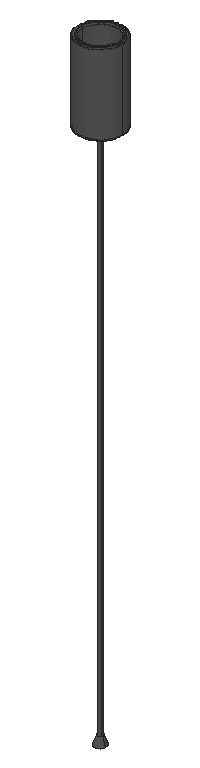
Revit family "CARLO CYLINDER LIGHT Pendant_ Surface", category Lighting Fixtures, host Face, Revit 2020 (continued)
Types (13): name | Wattage_Input | Wattage Comments | Wattage | built-in parameter 1150134 | Size 08 | Size 04 | Photometric Web File | built-in parameter 1150142 | Model | built-in parameter 1150105 | Lumens | built-in parameter 1150107 | built-in parameter 1150106 | Fixture Height | Fixture Diameter | BEAMING ANGLE | Apparent Load
    72 3.005 3.1218 3.2527 3.3892 3.5339 3.6784 3.8107 3.9443 4.0879 \r\n 4.244 4.4254 4.6105 4.761 4.9401 5.1944 5.5358 6.0005 6.5624 7.2195 \r\n 7.9365 8.6166 9.4426 10.376 11.984 14.955 18.884 23.577 29.093 35.51 \r\n 42.578 50.134 57.984 65.973 73.826 81.06 88.156 95.62 102.9 109.75 \r\n 115.76 120.32 123.69 125.7 127.01 128.24 129.28 130.22 131.05 131.75 \r\n 132.44 133.24 134.09 134.95 135.84 136.82 137.84 138.83 139.88 141 \r\n 142.29 143.83 145.64 147.74 150.22 153.17 156.65 160.68 165.46 171.15 \r\n 177.92 185.96 195.37 205.92 218.9 236.17 255.79 275.58 298.07 325.55 \r\n 356.54 390.4 426.93 465.69 506.71 550.18 595.23 640.9 687.77 736.29 \r\n 785.96 836.71 887.67 938.35 987.61 1034.1 1078.1 1119.5 1157.8 1192.1 \r\n 1223.3 1251.5 1278.3 1305.5 1332.1 1358.5 1383.3 1405.4 1424.5 1440 \r\n 1452.3 \r\n1448.4 1441.2 1427 1409.4 1388.5 1364.1 1338 1312.2 1285.7 1258.6 \r\n 1229.7 1197.8 1163 1124.8 1083.9 1040.5 994.56 945.47 894.77 843.68 \r\n 792.59 742.12 692.76 645.4 599.52 554.77 511.62 470.35 431.08 393.78 \r\n 359.2 327.79 300.44 279.59 261.07 240.08 220.93 207.23 196.33 186.69 \r\n 178.52 171.5 165.58 160.69 156.57 152.88 149.73 147.14 144.99 143.18 \r\n 141.66 140.41 139.34 138.37 137.45 136.53 135.64 134.8 134 133.23 \r\n 132.49 131.8 131.13 130.48 129.73 128.71 127.53 126.43 124.77 121.99 \r\n 118.01 112.27 105.53 98.262 90.772 83.709 76.495 68.559 60.528 52.871 \r\n 45.491 38.333 31.735 26.078 21.179 16.863 13.492 11.594 10.491 9.7259 \r\n 9.1698 8.5133 7.8413 7.1164 6.3953 5.6854 5.0961 4.7952 4.6147 4.4377 \r\n 4.2793 4.1114 3.9468 3.7901 3.6375 3.4855 3.3383 3.1991 3.0683 2.9569 \r\n 2.8363 2.6678 2.4923 2.3433 2.2052 2.0807 1.948 1.7692 1.5959 1.4856 \r\n 1.3836 1.2439 1.0987 0.96393 0.84185 0.74634 0.65808 0.55364 0.45918 0.39971 \r\n 0.35526 0.31252 0.27646 0.24811 0.22596 0.2091 0.19682 0.19008 0.18293 0.16958 \r\n 0.15612 0.14781 0.1413 0.13515 0.12882 0.1204 0.11254 0.10851 0.10442 0.096431 \r\n 0.087704 0.080167 0.073665 0.06911 0.065236 0.061468 0.056648 0.049123 0.039798 0.027754 \r\n 0.016814 0.011915 0.0087901 0.0038936 0 0 0 0 0 0 \r\n 0 0 0 0 0 0 0 0 0 0 \r\n 0 0 0 0 0 0 0 0 0.000027 0.0012429 \r\n 0.0029383 0.0048697 0.0067987 0.0081732 0.0096914 0.011784 0.014702 0.019277 0.024194 0.02754 \r\n 0.031941 0.040123 0.049873 0.060579 0.070157 0.075264 0.079055 0.083453 0.088799 0.096846 \r\n 0.10528 0.11201 0.11815 0.12389 0.12987 0.13718 0.14474 0.15151 0.15851 0.16616 \r\n 0.17524 0.18812 0.20044 0.20689 0.21452 0.22956 0.24913 0.27116 0.29936 0.33802 \r\n 0.3834 0.42871 0.48734 0.57724 0.67791 0.76939 0.868 0.9854 1.1157 1.2636 \r\n 1.4086 1.5185 1.6339 1.8005 1.9722 2.1093 2.2385 2.3707 2.5135 2.6919 \r\n 2.8654 2.9888 3.1017 3.232 3.3693 3.5146 3.6612 3.7994 3.939 4.0864 \r\n 4.2428 4.4142 4.5924 4.746 4.9513 5.2861 5.7146 6.2359 6.8231 7.4491 \r\n 8.1135 8.7346 9.5292 10.503 12.208 15.368 19.469 24.176 29.678 36.165 \r\n 43.3 50.844 58.694 66.813 74.774 81.913 88.893 96.366 103.69 110.62 \r\n 116.63 120.96 124.07 125.94 127.17 128.44 129.52 130.4 131.15 131.83 \r\n 132.51 133.29 134.11 134.95 135.83 136.77 137.75 138.73 139.77 140.87 \r\n 142.14 143.67 145.48 147.59 150.11 153.14 156.71 160.78 165.62 171.44 \r\n 178.34 186.4 195.88 206.6 219.93 238.04 258.28 277.52 299.33 326.86 \r\n 358.14 392.33 429.16 468.1 509.21 552.66 597.67 643.27 690.17 739.05 \r\n 789.11 840.01 891.03 941.72 990.88 1037 1080.6 1121.8 1160 1194.4 \r\n 1225.8 1254.4 1281.4 1308.1 1334.4 1360.8 1385.6 1407.2 1425.7 1440.6 \r\n 1452.3 \r\n1448.4 1441.2 1426.8 1408.9 1387.9 1363.1 1336.7 1310.9 1284.4 1257.3 \r\n 1228.5 1196.8 1162.3 1124.2 1083.1 1039.9 994.03 944.96 894.28 843.23 \r\n 792.19 741.78 692.54 645.52 599.92 554.97 511.56 470.36 431.24 394.1 \r\n 359.61 328.08 300.53 279.4 260.7 239.91 221.02 207.33 196.38 186.82 \r\n 178.71 171.7 165.76 160.88 156.76 153.11 150 147.44 145.31 143.5 \r\n 141.98 140.73 139.64 138.62 137.66 136.71 135.8 134.94 134.12 133.32 \r\n 132.57 131.89 131.22 130.54 129.73 128.63 127.35 126.19 124.46 121.6 \r\n 117.49 111.54 104.6 97.267 89.794 82.893 75.814 67.782 59.583 51.772 \r\n 44.271 37.079 30.514 24.982 20.219 15.952 12.619 10.814 9.7901 9.0202 \r\n 8.4486 7.8208 7.2063 6.5722 5.971 5.4295 4.9919 4.7497 4.5878 4.414 \r\n 4.2515 4.0926 3.9391 3.7917 3.6465 3.4972 3.351 3.2129 3.0829 2.9731 \r\n 2.8532 2.6826 2.5052 2.3574 2.221 2.0961 1.9634 1.7873 1.6162 1.504 \r\n 1.3991 1.2575 1.111 0.97669 0.85531 0.75954 0.67088 0.56639 0.47196 0.41274 \r\n 0.36792 0.32278 0.28416 0.25496 0.23224 0.21377 0.20027 0.19433 0.18798 0.17426 \r\n 0.16006 0.15108 0.14408 0.13805 0.13201 0.1238 0.11608 0.11203 0.10797 0.10046 \r\n 0.091983 0.083511 0.076036 0.071542 0.068022 0.064701 0.059878 0.050594 0.039841 0.02914 \r\n 0.019941 0.015188 0.011926 0.0076892 0.0039591 0.0014816 0 0 0 0 \r\n 0 0 0 0 0 0 0 0 0 0 \r\n 0 0 0 0 0 0 0 0 0 0 \r\n 0 0 0 0 0 0.0014816 0.0039591 0.0076892 0.011926 0.015188 \r\n 0.019941 0.02914 0.039841 0.050594 0.059878 0.064701 0.068022 0.071542 0.076036 0.083511 \r\n 0.091983 0.10046 0.10797 0.11203 0.11608 0.1238 0.13201 0.13805 0.14408 0.15108 \r\n 0.16006 0.17426 0.18798 0.19433 0.20027 0.21377 0.23224 0.25496 0.28416 0.32278 \r\n 0.36792 0.41274 0.47196 0.56639 0.67088 0.75954 0.85531 0.97669 1.111 1.2575 \r\n 1.3991 1.504 1.6162 1.7873 1.9634 2.0961 2.221 2.3574 2.5052 2.6826 \r\n 2.8532 2.9731 3.0829 3.2129 3.351 3.4972 3.6465 3.7917 3.9391 4.0926 \r\n 4.2515 4.414 4.5878 4.7497 4.9919 5.4295 5.971 6.5722 7.2063 7.8208 \r\n 8.4486 9.0202 9.7901 10.814 12.619 15.952 20.219 24.982 30.514 37.079 \r\n 44.271 51.772 59.583 67.782 75.814 82.893 89.794 97.267 104.6 111.54 \r\n 117.49 121.6 124.46 126.19 127.35 128.63 129.73 130.54 131.22 131.89 \r\n 132.57 133.32 134.12 134.94 135.8 136.71 137.66 138.62 139.64 140.73 \r\n 141.98 143.5 145.31 147.44 150 153.11 156.76 160.88 165.76 171.7 \r\n 178.71 186.82 196.38 207.33 221.02 239.91 260.7 279.4 300.53 328.08 \r\n 359.61 394.1 431.24 470.36 511.56 554.97 599.92 645.52 692.54 741.78 \r\n 792.19 843.23 894.28 944.96 994.03 1039.9 1083.1 1124.2 1162.3 1196.8 \r\n 1228.5 1257.3 1284.4 1310.9 1336.7 1363.1 1387.9 1408.9 1426.8 1441.2 \r\n 1452.3 \r\n1448.4 1440.6 1425.7 1407.2 1385.6 1360.8 1334.4 1308.1 1281.4 1254.4 \r\n 1225.8 1194.4 1160 1121.8 1080.6 1037 990.88 941.72 891.03 840.01 \r\n 789.11 739.05 690.17 643.27 597.67 552.66 509.21 468.1 429.16 392.33 \r\n 358.14 326.86 299.33 277.52 258.28 238.04 219.93 206.6 195.88 186.4 \r\n 178.34 171.44 165.62 160.78 156.71 153.14 150.11 147.59 145.48 143.67 \r\n 142.14 140.87 139.77 138.73 137.75 136.77 135.83 134.95 134.11 133.29 \r\n 132.51 131.83 131.15 130.4 129.52 128.44 127.17 125.94 124.07 120.96 \r\n 116.63 110.62 103.69 96.366 88.893 81.913 74.774 66.813 58.694 50.844 \r\n 43.3 36.165 29.678 24.176 19.469 15.368 12.208 10.503 9.5292 8.7346 \r\n 8.1135 7.4491 6.8231 6.2359 5.7145 5.2861 4.9513 4.746 4.5924 4.4142 \r\n 4.2428 4.0864 3.939 3.7994 3.6612 3.5146 3.3693 3.232 3.1017 2.9888 \r\n 2.8654 2.6919 2.5135 2.3707 2.2385 2.1093 1.9722 1.8005 1.6339 1.5185 \r\n 1.4086 1.2636 1.1157 0.9854 0.868 0.76939 0.67791 0.57724 0.48734 0.42871 \r\n 0.3834 0.33802 0.29936 0.27116 0.24913 0.22956 0.21452 0.20689 0.20044 0.18812 \r\n 0.17524 0.16616 0.15851 0.15151 0.14474 0.13718 0.12987 0.12389 0.11815 0.11201 \r\n 0.10528 0.096846 0.088799 0.083453 0.079055 0.075264 0.070157 0.060579 0.049873 0.040123 \r\n 0.031941 0.02754 0.024194 0.019277 0.014702 0.011784 0.0096914 0.0081732 0.0067987 0.0048697 \r\n 0.0029383 0.0012429 0.000027 0 0 0 0 0 0 0 \r\n 0 0 0 0 0 0 0 0 0 0 \r\n 0 0 0 0 0 0 0 0.0038936 0.0087901 0.011915 \r\n 0.016814 0.027754 0.039798 0.049123 0.056648 0.061468 0.065236 0.06911 0.073665 0.080166 \r\n 0.087704 0.096431 0.10442 0.10851 0.11254 0.1204 0.12882 0.13515 0.1413 0.14781 \r\n 0.15612 0.16958 0.18293 0.19008 0.19682 0.2091 0.22596 0.24811 0.27646 0.31252 \r\n 0.35526 0.39971 0.45918 0.55364 0.65808 0.74634 0.84185 0.96393 1.0987 1.2439 \r\n 1.3836 1.4856 1.5959 1.7692 1.948 2.0807 2.2052 2.3433 2.4923 2.6678 \r\n 2.8363 2.9569 3.0683 3.1991 3.3383 3.4855 3.6375 3.7901 3.9468 4.1114 \r\n 4.2793 4.4377 4.6147 4.7952 5.0961 5.6854 6.3953 7.1164 7.8413 8.5133 \r\n 9.1698 9.7259 10.491 11.594 13.492 16.863 21.179 26.078 31.735 38.333 \r\n 45.491 52.871 60.528 68.559 76.495 83.709 90.772 98.262 105.53 112.27 \r\n 118.01 121.99 124.77 126.43 127.53 128.71 129.73 130.48 131.13 131.8 \r\n 132.49 133.23 134 134.8 135.64 136.53 137.45 138.37 139.34 140.41 \r\n 141.66 143.18 144.99 147.14 149.73 152.88 156.57 160.69 165.58 171.5 \r\n 178.52 186.69 196.33 207.23 220.93 240.08 261.07 279.59 300.44 327.79 \r\n 359.2 393.78 431.08 470.35 511.62 554.77 599.52 645.4 692.76 742.12 \r\n 792.59 843.68 894.77 945.47 994.56 1040.5 1083.9 1124.8 1163 1197.8 \r\n 1229.7 1258.6 1285.7 1312.2 1338 1364.1 1388.5 1409.4 1427 1441.2 \r\n 1452.3 \r\n1448.4 1440 1424.5 1405.4 1383.3 1358.5 1332.1 1305.5 1278.3 1251.5 \r\n 1223.3 1192.1 1157.8 1119.5 1078.1 1034.1 987.61 938.35 887.67 836.71 \r\n 785.96 736.29 687.77 640.9 595.23 550.18 506.71 465.69 426.93 390.4 \r\n 356.54 325.55 298.07 275.58 255.79 236.17 218.9 205.92 195.37 185.96 \r\n 177.92 171.15 165.46 160.68 156.65 153.17 150.22 147.74 145.64 143.83 \r\n 142.29 141 139.88 138.83 137.84 136.82 135.84 134.95 134.09 133.24 \r\n 132.44 131.75 131.05 130.22 129.28 128.24 127.01 125.7 123.69 120.32 \r\n 115.76 109.75 102.9 95.62 88.156 81.06 73.826 65.973 57.984 50.134 \r\n 42.577 35.51 29.093 23.577 18.884 14.955 11.984 10.376 9.4426 8.6166 \r\n 7.9365 7.2195 6.5624 6.0005 5.5358 5.1944 4.9401 4.761 4.6105 4.4254 \r\n 4.244 4.0879 3.9443 3.8107 3.6784 3.5339 3.3892 3.2527 3.1218 3.005 \r\n 2.8772 2.7009 2.522 2.3844 2.2566 2.1225 1.9803 1.8129 1.6509 1.5321 \r\n 1.4173 1.2687 1.1194 0.99369 0.88063 0.77868 0.6839 0.58739 0.50247 0.44435 \r\n 0.39853 0.35354 0.31552 0.28855 0.26733 0.24685 0.23032 0.22108 0.21375 0.2032 \r\n 0.19205 0.18292 0.17453 0.16642 0.15877 0.15188 0.14499 0.13685 0.12924 0.12448 \r\n 0.1196 0.1114 0.10293 0.096622 0.091168 0.086735 0.081307 0.071857 0.061578 0.052573 \r\n 0.045088 0.040987 0.037517 0.031694 0.026065 0.022712 0.020044 0.017175 0.014061 0.010071 \r\n 0.0060769 0.0025706 0.000055 0 0 0 0 0 0 0 \r\n 0 0 0 0 0 0 0 0 0 0 \r\n 0 0 0 0 0 0 0 0.003581 0.0081668 0.011064 \r\n 0.016205 0.028945 0.042321 0.049928 0.055438 0.060344 0.064769 0.069233 0.074031 0.079551 \r\n 0.086031 0.094702 0.10298 0.10743 0.11182 0.11976 0.12825 0.13507 0.14156 0.14771 \r\n 0.15532 0.16767 0.18028 0.18831 0.19614 0.20747 0.22289 0.24431 0.27151 0.30458 \r\n 0.34455 0.38872 0.44839 0.54186 0.64544 0.73408 0.8301 0.95202 1.0862 1.2304 \r\n 1.3687 1.4684 1.5773 1.7519 1.9328 2.0664 2.1916 2.3308 2.48 2.6531 \r\n 2.8197 2.9423 3.0565 3.1883 3.3283 3.4762 3.631 3.7912 3.9579 4.1345 \r\n 4.3126 4.4689 4.6514 4.8524 5.2153 5.9625 6.8496 7.7028 8.5327 9.279 \r\n 9.9807 10.536 11.307 12.492 14.478 17.866 22.215 27.273 33.08 39.703 \r\n 46.809 54.055 61.538 69.36 77.169 84.54 91.79 99.285 106.45 112.95 \r\n 118.43 122.31 125.03 126.64 127.68 128.76 129.66 130.36 130.98 131.67 \r\n 132.38 133.11 133.87 134.65 135.46 136.34 137.24 138.11 139.04 140.1 \r\n 141.35 142.86 144.69 146.86 149.48 152.65 156.35 160.48 165.36 171.25 \r\n 178.25 186.49 196.19 207.05 220.7 239.94 261.01 279.45 300.14 327.27 \r\n 358.5 393.12 430.53 469.93 511.26 554.16 598.71 644.92 692.69 742.14 \r\n 792.62 843.73 894.83 945.53 994.65 1040.8 1084.3 1125.3 1163.5 1198.7 \r\n 1230.9 1259.8 1286.9 1313.4 1339.2 1364.9 1388.9 1409.6 1427.1 1441 \r\n 1452.3 \r\n1448.4 1439.3 1423.5 1403.8 1381.1 1356.4 1330.1 1303.1 1275.7 1249.1 \r\n 1221.1 1190.2 1156 1117.6 1076 1031.6 984.68 935.32 884.69 833.81 \r\n 783.23 733.95 685.76 638.84 593.03 547.94 504.49 463.55 424.94 388.68 \r\n 355.1 324.39 296.98 273.89 253.64 234.67 218.21 205.45 194.95 185.56 \r\n 177.56 170.9 165.33 160.61 156.62 153.22 150.35 147.89 145.8 143.99 \r\n 142.44 141.13 139.99 138.93 137.92 136.88 135.87 134.96 134.08 133.21 \r\n 132.38 131.68 130.95 130.05 129.05 128.06 126.87 125.5 123.36 119.74 \r\n 114.97 109.02 102.29 95.091 87.65 80.42 73.076 65.347 57.52 49.707 \r\n 42.167 35.166 28.796 23.221 18.497 14.728 11.943 10.422 9.5203 8.6596 \r\n 7.9167 7.1377 6.4353 5.8769 5.4433 5.1595 4.9598 4.7945 4.6414 4.4475 \r\n 4.2558 4.0978 3.9557 3.8257 3.6974 3.5542 3.4098 3.2739 3.1423 3.0212 \r\n 2.8888 2.7102 2.5311 2.3982 2.2742 2.1354 1.9884 1.8246 1.6663 1.5446 \r\n 1.4253 1.2734 1.1229 1.0015 0.89253 0.78716 0.68897 0.59627 0.516 0.4582 \r\n 0.41191 0.36783 0.33098 0.30523 0.28475 0.26364 0.24587 0.2348 0.22637 0.21774 \r\n 0.20855 0.19935 0.19015 0.18093 0.17242 0.16611 0.15957 0.14938 0.13994 0.13637 \r\n 0.13317 0.12533 0.11661 0.10938 0.10286 0.097728 0.091998 0.083026 0.073449 0.064911 \r\n 0.057746 0.053823 0.050177 0.043388 0.036677 0.032917 0.029735 0.025604 0.02086 0.014941 \r\n 0.0090151 0.0038135 0.000082 0 0 0 0 0 0 0 \r\n 0 0 0 0 0 0 0 0 0 0 \r\n 0 0 0 0 0 0 0 0.0043939 0.0097947 0.012626 \r\n 0.01785 0.032247 0.046795 0.052597 0.056067 0.061146 0.066358 0.071539 0.076695 0.081339 \r\n 0.086788 0.095177 0.10356 0.10859 0.11357 0.1215 0.12997 0.13738 0.14434 0.15025 \r\n 0.15721 0.16831 0.18002 0.18888 0.19783 0.20855 0.22287 0.24353 0.26946 0.29948 \r\n 0.33666 0.38066 0.44047 0.53217 0.63426 0.72396 0.82116 0.94217 1.0749 1.2183 \r\n 1.3558 1.4541 1.5619 1.737 1.919 2.0544 2.1812 2.3206 2.4692 2.6395 \r\n 2.8044 2.9301 3.0481 3.1806 3.321 3.4693 3.6265 3.7942 3.9708 4.1591 \r\n 4.3475 4.5038 4.6933 4.9141 5.3365 6.2352 7.2948 8.2836 9.2258 10.055 \r\n 10.812 11.38 12.167 13.432 15.498 18.892 23.269 28.495 34.46 41.097 \r\n 48.138 55.254 62.568 70.169 77.836 85.36 92.79 100.27 107.31 113.54 \r\n 118.76 122.54 125.22 126.79 127.78 128.74 129.54 130.19 130.8 131.5 \r\n 132.23 132.96 133.71 134.48 135.28 136.14 137.03 137.86 138.76 139.81 \r\n 141.06 142.58 144.43 146.62 149.26 152.44 156.15 160.28 165.15 170.98 \r\n 177.95 186.25 196 206.82 220.4 239.57 260.58 279.04 299.71 326.63 \r\n 357.66 392.27 429.74 469.26 510.64 553.3 597.69 644.26 692.46 742 \r\n 792.46 843.58 894.66 945.31 994.46 1040.8 1084.6 1125.7 1164.1 1199.5 \r\n 1232 1261 1288.1 1314.7 1340.4 1365.7 1389.2 1409.7 1427 1440.7 \r\n 1452.3 \r\n1448.4 1438.9 1422.8 1402.5 1379.4 1354.7 1328.6 1301.4 1273.7 1247.4 \r\n 1219.7 1189 1155.1 1116.6 1074.7 1029.8 982.56 933.14 882.59 831.81 \r\n 781.42 732.47 684.54 637.49 591.48 546.37 502.96 462.06 423.55 387.49 \r\n 354.13 323.64 296.31 272.8 252.25 233.89 218.11 205.36 194.71 185.31 \r\n 177.33 170.77 165.29 160.6 156.66 153.32 150.5 148.07 145.99 144.17 \r\n 142.6 141.28 140.12 139.05 138.03 136.97 135.94 135 134.1 133.21 \r\n 132.36 131.63 130.87 129.91 128.87 127.92 126.77 125.36 123.11 119.28 \r\n 114.34 108.5 101.94 94.843 87.441 80.082 72.628 65.024 57.367 49.628 \r\n 42.133 35.182 28.824 23.142 18.341 14.7 12.079 10.63 9.7521 8.857 \r\n 8.0528 7.2096 6.4529 5.8762 5.4454 5.1863 5.0122 4.8465 4.6843 4.4801 \r\n 4.2788 4.1169 3.9736 3.8445 3.7177 3.5747 3.4302 3.2945 3.162 3.0371 \r\n 2.9007 2.7204 2.5413 2.4117 2.2903 2.1478 1.9969 1.8353 1.6795 1.5554 \r\n 1.4326 1.2782 1.1266 1.0088 0.90302 0.79456 0.69321 0.60331 0.52657 0.46881 \r\n 0.42212 0.37936 0.34406 0.3193 0.2993 0.27794 0.25935 0.24641 0.23672 0.22999 \r\n 0.22279 0.21342 0.20338 0.19324 0.184 0.1781 0.17177 0.1599 0.14898 0.14619 \r\n 0.14423 0.13681 0.12804 0.12006 0.11263 0.10686 0.1009 0.092687 0.083978 0.075561 \r\n 0.06828 0.064341 0.060454 0.052806 0.045171 0.041051 0.037444 0.032305 0.026268 0.018815 \r\n 0.011352 0.0048021 0.00010335 0 0 0 0 0 0 0 \r\n 0 0 0 0 0 0 0 0 0 0 \r\n 0 0 0 0 0 0 0 0.0062011 0.013412 0.016342 \r\n 0.021487 0.037192 0.052607 0.056713 0.058353 0.063688 0.069739 0.075654 0.081219 0.085207 \r\n 0.089794 0.097753 0.10606 0.11176 0.11745 0.12528 0.13362 0.14162 0.14912 0.15491 \r\n 0.16136 0.17131 0.18216 0.19169 0.20159 0.21208 0.22572 0.2457 0.27042 0.29776 \r\n 0.33249 0.37643 0.43631 0.52568 0.62586 0.71721 0.81613 0.93558 1.0663 1.2092 \r\n 1.3464 1.4442 1.5515 1.7259 1.908 2.0457 2.1747 2.3137 2.4606 2.628 \r\n 2.7912 2.921 3.0435 3.1765 3.3164 3.4645 3.6236 3.7984 3.9843 4.1827 \r\n 4.3805 4.5386 4.7359 4.9733 5.4468 6.4777 7.6916 8.8109 9.8657 10.777 \r\n 11.593 12.189 13.003 14.338 16.473 19.877 24.284 29.672 35.784 42.421 \r\n 49.393 56.398 63.568 70.97 78.501 86.145 93.714 101.15 108.05 114.01 \r\n 118.98 122.67 125.31 126.86 127.8 128.66 129.37 129.98 130.59 131.31 \r\n 132.06 132.8 133.54
